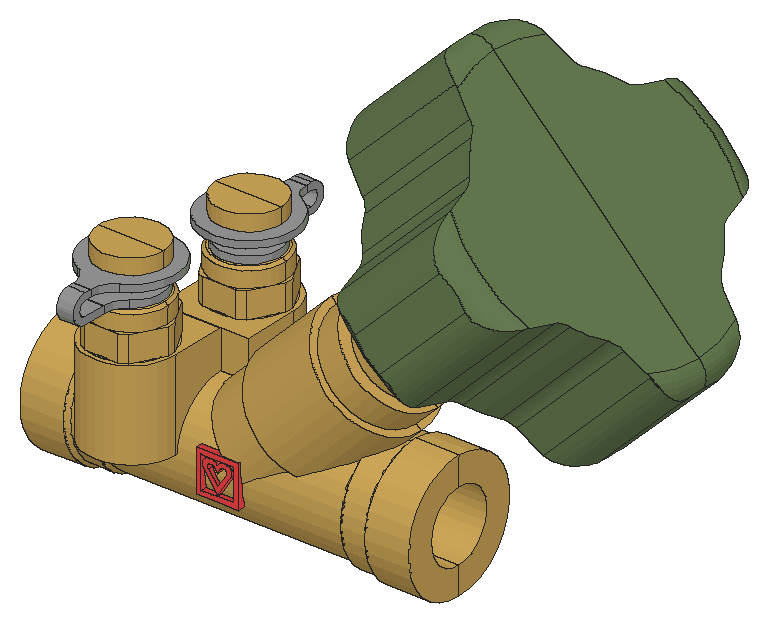
Revit family "HERZ Commissioning Valve With Metering Station For Drinking Water Systems 4017 MW", category Rohrzubehör, Revit 2021
Family settings
  Bemaßung runder Anschluss = Durchmesser verwenden
  Teiletyp = Unterbricht
  OmniClass-Nummer = 23.65.55.14
  OmniClass-Titel = Valves for Liquid Services
  Arbeitsebenenbasiert = Nein
  Immer vertikal = Ja
  Beim Laden mit Abzugskörper schneiden = Nein
  Gemeinsam genutzt = Nein
Parameters
  kvs-value [instance] = if(Nennweite = 15.000 mm, 2, if(Nennweite = 20.000 mm, 3.6, if(Nennweite = 25.000 mm, 6.5, if(Nennweite = 32.000 mm, 13.3, if(Nennweite = 40.000 mm, 18.5, if(Nennweite = 50.000 mm, 33, 0))))))  # 2
  kv-value of the orifice [instance] = if(Nennweite = 15.000 mm, 1.95, if(Nennweite = 20.000 mm, 3.95, if(Nennweite = 25.000 mm, 7.9, if(Nennweite = 32.000 mm, 15.75, if(Nennweite = 40.000 mm, 21.5, if(Nennweite = 50.000 mm, 46.7, 0))))))  # 1.95
  W01 = 45.00°  # constant formula
  Vorgabe-Ansicht = 0.000 mm
  URL = "www.herzvalves.com"
  SW01 = 60.00°  # constant formula
  SCRNSEQ = "FW;SBT_TYP_FW=\"109\";2"
  SCRNCODE = "04;00;02"  # constant formula
  S03 = 60.000 mm  # constant formula
  S02 [instance] = L04 + L06 + L07  # 76.800 mm
  S01 [instance] = D01 * 2  # 27.000 mm
  R03 = 21.500 mm  # constant formula
  R02 = 9.500 mm  # constant formula
  R01 = 12.000 mm  # constant formula
  Part number [instance] = size_lookup("4017_MW_", "Artnr", 0, Nennweite)  # 2401701
  O-Rings = "EPDM"  # constant formula
  Note = "Pursuant to Article 33 of the REACH Regulation (EC No. 1907/2006), we are obliged to point out that the material lead is listed on the SVHC list and that all brass components manufactured in our products exceed 0.1% (w / w) lead (CAS: 7439-92-1 / EINECS: 231-100-4).\r\nSince lead is a component part of an alloy, actual exposure is not possible and therefore no additional information on safe use is necessary."
  Model = "According to standard BS 7350 PN20 Series B\r\nAngle seat regulating valve made of copper alloy.\r\nAll metal parts in contact with water are made of dezincification-resistant copper alloy.\r\nThe upper parts are equipped with non-rising stem."
  Medium = "Water"  # constant formula
  L10 [instance] = size_lookup("4017_MW_", "L10", 1.000 mm, Nennweite)  # 28.500 mm
  L09 [instance] = size_lookup("4017_MW_", "L9", 1.000 mm, Nennweite)  # 22.500 mm
  L08 [instance] = size_lookup("4017_MW_", "L8", 1.000 mm, Nennweite)  # 12.700 mm
  L07 [instance] = size_lookup("4017_MW_", "L7", 1.000 mm, Nennweite)  # 35.100 mm
  L06 [instance] = size_lookup("4017_MW_", "L6", 1.000 mm, Nennweite)  # 6.500 mm
  L05 [instance] = size_lookup("4017_MW_", "L5", 1.000 mm, Nennweite)  # 20.200 mm
  L04 [instance] = size_lookup("4017_MW_", "L4", 1.000 mm, Nennweite)  # 35.200 mm
  L03 [instance] = size_lookup("4017_MW_", "L3", 1.000 mm, Nennweite)  # 1.000 mm
  Hand wheel = "plastic, green"  # constant formula
  H03 [instance] = H01 - 19.000 mm  # 1.000 mm
  H02 = 13.000 mm  # constant formula
  E01 [instance] = L00 / -2  # -41.500 mm
  E00 = 0.000 mm  # constant formula
  D09 [instance] = size_lookup("4017_MW_", "D9", 1.000 mm, Nennweite)  # 11.750 mm
  D08 [instance] = size_lookup("4017_MW_", "D8", 1.000 mm, Nennweite)  # 9.500 mm
  D07 [instance] = size_lookup("4017_MW_", "D7", 1.000 mm, Nennweite)  # 12.000 mm
  D06 [instance] = size_lookup("4017_MW_", "D6", 1.000 mm, Nennweite)  # 13.500 mm
  D05 [instance] = size_lookup("4017_MW_", "D5", 1.000 mm, Nennweite)  # 12.500 mm
  D04 [instance] = Nennweite / 2  # 7.500 mm
  IG [instance] = Nennweite / 2  # 7.500 mm
  D03 [instance] = size_lookup("4017_MW_", "D3", 1.000 mm, Nennweite)  # 11.900 mm
  D02 [instance] = size_lookup("4017_MW_", "D2", 1.000 mm, Nennweite)  # 12.700 mm
  D01 [instance] = size_lookup("4017_MW_", "D1", 1.000 mm, Nennweite)  # 13.500 mm
  Nennweite [instance] = 15.000 mm
  Max. differential pressure on closed seat = 1000000.0 Pa  # constant formula
  Max. operating temperature at 10 bar = 85 °C  # constant formula
  Max. operating pressure at 20°C = 2000000.0 Pa  # constant formula
  L02 [instance] = size_lookup("4017_MW_", "L2", 1.000 mm, Nennweite)  # 5.000 mm
  L01 [instance] = size_lookup("4017_MW_", "L1", 1.000 mm, Nennweite)  # 9.250 mm
  L00 [instance] = size_lookup("4017_MW_", "L", 1.000 mm, Nennweite)  # 83.000 mm
  Hersteller = "HERZ Armaturen Ges.m.b.H."  # constant formula
  H01 [instance] = size_lookup("4017_MW_", "H1", 1.000 mm, Nennweite)  # 20.000 mm
  GT [instance] = size_lookup("4017_MW_", "GT", 1.000 mm, Nennweite)  # 13.200 mm
  DN50 [instance] = Nennweite = 50.000 mm  # no
  DN40 [instance] = Nennweite = 40.000 mm  # no
  DN32 [instance] = Nennweite = 32.000 mm  # no
  DN25 [instance] = Nennweite = 25.000 mm  # no
  DN20 [instance] = Nennweite = 20.000 mm  # no
  DN15 [instance] = Nennweite = 15.000 mm  # yes
  Body = "DZR brass"  # constant formula
  Application = "For shutting off and regulating drinking water systems in buildings or for hydraulic balancing of supply lines."
Reference planes
  plane 1 "Mitte (Vorne/hinten)": y = 0
  plane 2: z = 0
  plane 3 "Mitte (Links/rechts)": x = 0
Forms (mm)
  Revolve 1, solid, material "Messing, weicher Gelbton, geschweißt", detail levels fine
    sketch origin (470, 0, 0) x (1, 0, 0) y (0, 0, 1)
      loop
        line (-511.5, 7.5) -> (-498.3, 7.5) -> (-498.3, 0) -> (-441.7, 0) -> (-441.7, 7.5) -> (-428.5, 7.5) -> (-428.5, 13.5) -> (-437.75, 13.5) -> (-438.55, 12.7) -> (-443.55, 12.7) -> (-444.35, 11.9) -> (-495.65, 11.9) -> (-496.45, 12.7) -> (-501.45, 12.7) -> (-502.25, 13.5) -> (-511.5, 13.5) -> (-511.5, 7.5)
      axis (-511.5, 0) -> (-428.5, 0)
    angle from 0 to 360
  Revolve 2, solid, material "Messing, weicher Gelbton, geschweißt", detail levels fine
    sketch origin (0.32, 0, -0.105) x (1, 0, 0) y (0, 0, 1)
      loop
        line (-1.32, 0.105) -> (52.986, 54.411) -> (44.677, 62.719) -> (35.697, 53.739) -> (37.288, 52.148) -> (21.449, 36.309) -> (19.681, 38.076) -> (15.085, 33.48) -> (14.024, 34.541) -> (-0.259, 20.257) -> (0.448, 19.55) -> (-7.098, 12.005) -> (-6.623, 5.408) -> (-1.32, 0.105)
      axis (-1.32, 0.105) -> (52.986, 54.411)
    angle from 0 to 360
  Extrusion 3, solid, material "Messing, weicher Gelbton, geschweißt", detail levels fine
    sketch origin (0, 0, 0) x (1, 0, 0) y (0, 1, 0)
      loop
        arc (-28.5, -12) -> (-19, -21.5) -> (-9.5, -12) r 9.5
        line (-9.5, -12) -> (-9.5, 0) -> (-28.5, 0) -> (-28.5, -12)
    from 1 <- "H03" to 20 <- "H01"
  Extrusion 4, solid, material "Messing, weicher Gelbton, geschweißt", detail levels fine
    sketch origin (0, 0, 0) x (1, 0, 0) y (0, 1, 0)
      loop
        line (-22.5, 12) -> (-22.5, 0) -> (-3.5, 0) -> (-3.5, 12)
        arc (-3.5, 12) -> (-13, 21.5) -> (-22.5, 12) r 9.5
    from 0 to 20 <- "H01"
Lines and regions (mm)
  model lines, detail levels coarse+medium
    curve 1: line (-41.5, 0, 13.5) -> (-41.5, 0, -13.5)
    curve 2: line (-41.5, 0, -13.5) -> (41.5, 0, 13.5)
    curve 3: line (41.5, 0, 13.5) -> (41.5, 0, -13.5)
    curve 4: line (41.5, 0, -13.5) -> (-41.5, 0, 13.5)
    curve 5: line (0, 0, 0) -> (38.4, 0, 66.511)
    curve 6: line (12.419, 0, 81.511) -> (64.381, 0, 51.511)
    curve 7: line (-41.5, -13.5, 0) -> (-41.5, 13.5, 0)
    curve 8: line (-41.5, 13.5, 0) -> (41.5, -13.5, 0)
    curve 9: line (41.5, -13.5, 0) -> (41.5, 13.5, 0)
    curve 10: line (41.5, 13.5, 0) -> (-41.5, -13.5, 0)
    curve 11: line (0, 0, 0) -> (38.4, 66.511, 0)
    curve 12: line (12.419, 81.511, 0) -> (64.381, 51.511, 0)
Dimensions and locks
  "L00": Revolve 1 sketch curve to Revolve 1 sketch curve
  equal spacing: Revolve 1 sketch curve, plane 3 "Mitte (Links/rechts)", Revolve 1 sketch curve
  "D01": Revolve 1 sketch curve to Revolve 1 sketch curve  (x2)
  "GT": Revolve 1 sketch curve to Revolve 1 sketch curve  (x2)
  "D06": Revolve 2 sketch curve to Revolve 2 sketch curve
  "D07": Revolve 2 sketch curve to Revolve 2 sketch curve
  "D08": Revolve 2 sketch curve to Revolve 2 sketch curve
  "D09": Revolve 2 sketch curve to Revolve 2 sketch curve
  equal spacing: curve 1, plane 3 "Mitte (Links/rechts)", curve 3
  "L00": curve 1 to curve 3
  equal spacing: curve 4, plane 2, curve 2
  "S01": curve 4 to curve 1
  "S01": curve 3 to curve 4
  equal spacing: curve 3, plane 2, curve 4
  "S02": curve 5 to curve 5
  equal spacing: curve 6, curve 5, curve 6
  "S03": curve 6 to curve 6
  equal spacing: curve 7, plane 3 "Mitte (Links/rechts)", curve 9
  "L00": curve 7 to curve 9
  equal spacing: curve 10, plane 1 "Mitte (Vorne/hinten)", curve 8
  "S01": curve 8 to curve 10
  equal spacing: curve 9, plane 1 "Mitte (Vorne/hinten)", curve 10
  "S01": curve 10 to curve 9
  "S02": curve 11 to curve 11
  equal spacing: curve 12, curve 11, curve 12
  "S03": curve 12 to curve 12
  "L01": Revolve 1 sketch curve to Revolve 1 sketch curve  (x2)
  "D02": Revolve 1 sketch curve to plane 2  (x2)
  "D03": Revolve 1 sketch curve to plane 2
  "IG": Revolve 1 sketch curve to plane 2  (x2)
  "L02": Revolve 1 sketch curve to Revolve 1 sketch curve  (x2)
  "L04": Revolve 2 sketch curve to Revolve 2 sketch curve
  "L05": Revolve 2 sketch curve to Revolve 2 sketch curve
  "D03": Revolve 2 sketch curve to plane 2
  "L06": Revolve 2 sketch curve to Revolve 2 sketch curve
  "L08": Revolve 2 sketch curve to Revolve 2 sketch curve
  "L07": Revolve 2 sketch curve to Revolve 2 sketch curve
  "D04": Revolve 2 sketch curve to Revolve 2 sketch curve
  "D05": Revolve 2 sketch curve to Revolve 2 sketch curve
  "L03": plane 3 "Mitte (Links/rechts)" to Revolve 2 sketch curve  (x2)
  "D03": nested 1 to plane 1 "Mitte (Vorne/hinten)"
  "L09": Revolve 1 to Extrusion 3 sketch curve
  "R01": Extrusion 3 sketch curve to plane 1 "Mitte (Vorne/hinten)"
  "R01": plane 1 "Mitte (Vorne/hinten)" to Extrusion 4 sketch curve
  "L10": Revolve 1 to Extrusion 4 sketch curve
  "H01": nested 3 to plane 2
  "H01": nested 2 to plane 2
  "R01": nested 3 to plane 1 "Mitte (Vorne/hinten)"
  "R01": plane 1 "Mitte (Vorne/hinten)" to nested 2
  "L10": Revolve 1 to nested 2
  "L09": Revolve 1 to nested 3
  "R02": radius of Extrusion 3 sketch curve
  "R02": radius of Extrusion 4 sketch curve
  "W01": angle level to Revolve 2 sketch curve
  "SW01": angle plane 2 to curve 5
  "SW01": angle plane 1 "Mitte (Vorne/hinten)" to curve 11
  "W01": angle Revolve 1 sketch curve to Revolve 1 sketch curve  (x4)
  "W01": angle plane 2 to Revolve 2 sketch curve
  aligned and locked: level to plane 2
Automatic sketch dimensions
  curve 5 to level = 0.000 mm
  plane 1 "Mitte (Vorne/hinten)" to curve 11 = 0.000 mm
  Revolve 1 sketch curve to level = 0.000 mm  (x2)
  Revolve 1 sketch curve to Revolve 1 sketch curve = 791.990 mm
  Revolve 1 sketch curve to Revolve 1 sketch curve = 2278.983 mm
  Revolve 2 sketch curve to level = 0.000 mm  (x2)
  plane 1 "Mitte (Vorne/hinten)" to Extrusion 3 sketch curve = 0.000 mm
  plane 1 "Mitte (Vorne/hinten)" to Extrusion 4 sketch curve = 0.000 mm
Nested families
  nested 1: "Herz-Logo-vorne" at (0, -11.9, 0) x (0, 1, 0) z (0, 0, 1), type "Herz-Logo-vorne", detail levels fine
  nested 2: "Messstutzen_Band_Austritt_senkrecht_(oben)" at (-13, 12, 2.5), type "Messstutzen_Band_Austritt_senkrecht_(oben)"
    with Schutzkappe yes, Nennweite 0.000 mm, Gewicht 0.00 kg, Bestellnummer 0
  nested 3: "Messstutzen_Band_Eintritt_senkrecht_(oben)" at (-19, -12, 2.5) x (-1, 0, 0) z (0, 0, 1), type "Messstutzen_Band_Eintritt_senkrecht_(oben)"
    with Schutzkappe yes, Nennweite 0.000 mm, Gewicht 0.00 kg, Bestellnummer 0
  nested 4: "Strangregulierventil-Handrad (Grün) DN15-DN32" at (53.306, 0, 54.306), visible <- "DN15", type "Strangregulierventil-Handrad (Grün) DN15-DN32"
    with Nennweite 0.000 mm, Gewicht 0.00 kg, Bestellnummer 0
  nested 5: "Strangregulierventil-Handrad (Grün) DN15-DN32" at (55.846, 0, 56.846), visible <- "DN20", type "Strangregulierventil-Handrad (Grün) DN15-DN32"
    with Nennweite 0.000 mm, Gewicht 0.00 kg, Bestellnummer 0
  nested 6: "Strangregulierventil-Handrad (Grün) DN15-DN32" at (64.569, 0, 70.069), visible <- "DN25", type "Strangregulierventil-Handrad (Grün) DN15-DN32"
    with Nennweite 0.000 mm, Gewicht 0.00 kg, Bestellnummer 0
  nested 7: "Strangregulierventil-Handrad (Grün) DN15-DN32" at (67.426, 0, 76.226), visible <- "DN32", type "Strangregulierventil-Handrad (Grün) DN15-DN32"
    with Nennweite 0.000 mm, Gewicht 0.00 kg, Bestellnummer 0
  nested 8: "Strangregulierventil-Handrad (Grün) DN40-DN50" at (76.747, 0, 88.247), visible <- "DN40", type "Strangregulierventil-Handrad (Grün) DN40-DN50"
    with Nennweite 0.000 mm, Gewicht 0.00 kg, Bestellnummer 0
  nested 9: "Strangregulierventil-Handrad (Grün) DN40-DN50" at (75.124, 0, 91.924), visible <- "DN50", type "Strangregulierventil-Handrad (Grün) DN40-DN50"
    with Nennweite 0.000 mm, Gewicht 0.00 kg, Bestellnummer 0
Connectors
  piping at (-28.3, 0, 0), diameter 15, driven by "Nennweite"
    settings: on Revolve 1, index 1, connector inside diameter 609.6 mm, connector length 0.000 mm, flow factor 0, pipe flow 0.0 L/s, pressure drop 0.0 Pa, fitting loss kfactor 0, connector angle 0.00°, fixture units 0, engagement length 0.000 mm, angle of deflection 0.00°, flow configuration 0, flow direction 1, fitting loss method 0, system type 29, joint type 0, gender type 0, connector reference index -1, connector utility 0, adjustable connector no, is connector primary yes, connector description ""
  piping at (28.3, 0, 0), diameter 15, driven by "Nennweite"
    settings: on Revolve 1, index 2, connector inside diameter 609.6 mm, connector length 0.000 mm, flow factor 0, pipe flow 0.0 L/s, pressure drop 0.0 Pa, fitting loss kfactor 0, connector angle 0.00°, fixture units 0, engagement length 0.000 mm, angle of deflection 0.00°, flow configuration 0, flow direction 2, fitting loss method 0, system type 29, joint type 0, gender type 0, connector reference index -1, connector utility 0, adjustable connector no, is connector primary no, connector description ""
Definition of nested family "Herz-Logo-vorne"
  Parameters (values of type "Herz-Logo-vorne")
    Default Elevation = 0.000 mm
  Reference planes
    plane 1 "Mitte (Vorne/hinten)": y = 0
    plane 2: z = 0
    plane 3 "Mitte (Links/rechts)": x = 0
  Forms (mm)
    Extrusion 1, solid
      sketch origin (0.732, -0.018, 0.017) x (0, -1, 0) y (0, 0, 1)
        loop
          line (-0.018, -4.517) -> (4.482, -4.517) -> (4.482, 4.483) -> (-4.518, 4.483) -> (-4.518, -4.517) -> (-0.018, -4.517)
        loop
          line (-0.05, -3.48) -> (3.482, -3.48) -> (3.482, 3.483) -> (-3.518, 3.483) -> (-3.518, -3.48) -> (-0.05, -3.48)
        loop
          arc (-0.018, 2.383) -> (-1.543, 3.287) -> (-3.067, 2.383) r 1.738
          arc (-3.067, 2.383) -> (-3.191, 1.899) -> (-3.067, 1.415) r 1.009
          line (-3.067, 1.415) -> (-0.018, -3.281) -> (3.032, 1.415)
          arc (3.032, 1.415) -> (3.156, 1.899) -> (3.032, 2.383) r 1.009
          arc (3.032, 2.383) -> (1.507, 3.287) -> (-0.018, 2.383) r 1.738
        loop
          arc (1.885, 1.272) -> (2.005, 1.675) -> (1.885, 2.079) r 0.74
          arc (1.885, 2.079) -> (1.265, 2.416) -> (0.644, 2.079) r 0.74
          line (0.644, 2.079) -> (-0.018, 0.97) -> (-0.679, 2.079)
          arc (-0.679, 2.079) -> (-1.3, 2.416) -> (-1.921, 2.079) r 0.74
          arc (-1.921, 2.079) -> (-2.04, 1.675) -> (-1.921, 1.272) r 0.74
          line (-1.921, 1.272) -> (-0.018, -1.658) -> (1.885, 1.272)
      from 0 to 1.5
  Dimensions and locks
    aligned and locked: level to plane 2
Definition of nested family "Messstutzen_Band_Austritt_senkrecht_(oben)"
  Parameters (values of type "Messstutzen_Band_Austritt_senkrecht_(oben)")
    Default Elevation = 0.000 mm
    URL = "www.herz-armaturen.at"
    Schutzkappe [instance] = yes
    Nennweite [instance] = 0.000 mm
    Manufacturer = "Herz Armaturen GmbH"  # constant formula
    Gewicht [instance] = 0.00 kg
    Bestellnummer [instance] = 0
  Reference planes
    plane 1 "Mitte (Vorne/hinten)": y = 0
    plane 2: z = 0
    plane 3 "Mitte (Links/rechts)": x = 0
    plane 4 "Schlaufe 1": z = -27
    plane 5 "Schlaufe 2": z = -31.678
  Forms (mm)
    Revolve 1, solid, detail levels fine
      sketch origin (0, 0, 0) x (1, 0, 0) y (0, 0, 1)
        loop
          line (-7.4, 9) -> (-5.55, 9) -> (-5.55, 6)
          arc (-5.55, 6) -> (-5.626, 5.617) -> (-5.843, 5.293) r 1
          line (-5.843, 5.293) -> (-6.455, 4.681) -> (-6.455, 0.9) -> (-5.555, 0) -> (-2, 0) -> (-2, 17.5) -> (-8.4, 17.5)
          arc (-8.4, 17.5) -> (-7.693, 17.207) -> (-7.4, 16.5) r 1
          line (-7.4, 16.5) -> (-7.4, 9)
        loop
          line (-3.7, 27) -> (-7.3, 27) -> (-7.9, 26.4) -> (-7.9, 23) -> (-2, 23) -> (-2, 35.8) -> (-3.805, 35.8) -> (-4.415, 35.19) -> (-4.415, 30.863) -> (-3.7, 30.45) -> (-3.7, 27)
        axis (0, 0) -> (0, 35.8)
      angle from 0 to 360
    Extrusion 2, solid, detail levels fine
      sketch origin (0, 0, 17.5) x (0, 1, 0) y (-1, 0, 0)
        loop
          arc (-7.07, 5.156) -> (-7.578, 4.375) -> (-8, 3.544) r 8.75
          line (-8, 3.544) -> (-8, -3.544)
          arc (-8, -3.544) -> (-7.578, -4.375) -> (-7.07, -5.156) r 8.75
          line (-7.07, -5.156) -> (-0.93, -8.7)
          arc (-0.93, -8.7) -> (0, -8.75) -> (0.93, -8.7) r 8.75
          line (0.93, -8.7) -> (7.07, -5.156)
          arc (7.07, -5.156) -> (7.578, -4.375) -> (8, -3.544) r 8.75
          line (8, -3.544) -> (8, 3.544)
          arc (8, 3.544) -> (7.578, 4.375) -> (7.07, 5.156) r 8.75
          line (7.07, 5.156) -> (0.93, 8.7)
          arc (0.93, 8.7) -> (0, 8.75) -> (-0.93, 8.7) r 8.75
          line (-0.93, 8.7) -> (-7.07, 5.156)
      from 0 to 5.5
    Revolve 3, solid, visible <- "Schutzkappe", detail levels fine
      sketch origin (0, 0, 0) x (1, 0, 0) y (0, 0, 1)
        loop
          line (0, 35.878) -> (0, 36.678) -> (-7, 36.678) -> (-7, 33.378) -> (-6.1, 33.378) -> (-6.1, 31.678) -> (-6.9, 31.678) -> (-6.9, 30.178) -> (-4.415, 30.178) -> (-4.415, 35.268) -> (-3.805, 35.878) -> (0, 35.878)
        axis (0, 30.178) -> (0, 36.678)
      angle from 0 to 360
    Extrusion 4, solid, detail levels fine
      sketch origin (0, 0, 28.5) x (1, 0, 0) y (0, 1, 0)
        loop
          circle (0, 0) r 3.7
        loop
          arc (-3.906, 5.505) -> (0, -6.75) -> (3.906, 5.505) r 6.75
          arc (3.906, 5.505) -> (2.358, 7.288) -> (1.8, 9.582) r 5
          line (1.8, 9.582) -> (-1.8, 9.582)
          arc (-1.8, 9.582) -> (-2.358, 7.288) -> (-3.906, 5.505) r 5
      from 0 to -1.5
    Extrusion 5, solid, detail levels fine
      sketch origin (0, 0, 33.178) x (1, 0, 0) y (0, 1, 0)
        loop
          circle (0, 0) r 6.1
        loop
          arc (-4.495, 8.652) -> (0, -9.75) -> (4.495, 8.652) r 9.75
          arc (4.495, 8.652) -> (2.527, 10.493) -> (1.8, 13.089) r 5
          line (1.8, 13.089) -> (-1.8, 13.089)
          arc (-1.8, 13.089) -> (-2.527, 10.493) -> (-4.495, 8.652) r 5
      from 0 to -1.5
    Sweep 6, solid, detail levels fine
      path origin (0, 0, 0) x (0, 0, -1) y (0, -1, 0)
        loop
          line (-27.75, -9.582) -> (-27.75, -14.522)
          arc (-27.75, -14.522) -> (-30.089, -16.862) -> (-32.428, -14.522) r 2.339
          line (-32.428, -14.522) -> (-32.428, -13.089)
      profile origin (0, 12.052, 27.75) x (0, 0, 1) y (1, 0, 0)
        loop
          line (-0.75, -1.8) -> (0.75, -1.8) -> (0.75, 1.8) -> (-0.75, 1.8) -> (-0.75, -1.8)
  Dimensions and locks
    aligned and locked: level to plane 2
Definition of nested family "Messstutzen_Band_Eintritt_senkrecht_(oben)"
  Parameters (values of type "Messstutzen_Band_Eintritt_senkrecht_(oben)")
    Default Elevation = 0.000 mm
    URL = "www.herz-armaturen.at"
    Schutzkappe [instance] = yes
    Nennweite [instance] = 0.000 mm
    Manufacturer = "Herz Armaturen GmbH"  # constant formula
    Gewicht [instance] = 0.00 kg
    Bestellnummer [instance] = 0
  Reference planes
    plane 1 "Mitte (Vorne/hinten)": y = 0
    plane 2: z = 0
    plane 3 "Mitte (Links/rechts)": x = 0
    plane 4 "Schlaufe 1": z = -27
    plane 5 "Schlaufe 2": z = -31.678
  Forms (mm)
    Revolve 1, solid, detail levels fine
      sketch origin (0, 0, 0) x (1, 0, 0) y (0, 0, 1)
        loop
          line (-7.4, 9) -> (-5.55, 9) -> (-5.55, 6)
          arc (-5.55, 6) -> (-5.626, 5.617) -> (-5.843, 5.293) r 1
          line (-5.843, 5.293) -> (-6.455, 4.681) -> (-6.455, 0.9) -> (-5.555, 0) -> (-2, 0) -> (-2, 17.5) -> (-8.4, 17.5)
          arc (-8.4, 17.5) -> (-7.693, 17.207) -> (-7.4, 16.5) r 1
          line (-7.4, 16.5) -> (-7.4, 9)
        loop
          line (-3.7, 27) -> (-7.3, 27) -> (-7.9, 26.4) -> (-7.9, 23) -> (-2, 23) -> (-2, 35.8) -> (-3.805, 35.8) -> (-4.415, 35.19) -> (-4.415, 30.863) -> (-3.7, 30.45) -> (-3.7, 27)
        axis (0, 0) -> (0, 35.8)
      angle from 0 to 360
    Extrusion 2, solid, detail levels fine
      sketch origin (0, 0, 17.5) x (0, 1, 0) y (-1, 0, 0)
        loop
          arc (-7.07, 5.156) -> (-7.578, 4.375) -> (-8, 3.544) r 8.75
          line (-8, 3.544) -> (-8, -3.544)
          arc (-8, -3.544) -> (-7.578, -4.375) -> (-7.07, -5.156) r 8.75
          line (-7.07, -5.156) -> (-0.93, -8.7)
          arc (-0.93, -8.7) -> (0, -8.75) -> (0.93, -8.7) r 8.75
          line (0.93, -8.7) -> (7.07, -5.156)
          arc (7.07, -5.156) -> (7.578, -4.375) -> (8, -3.544) r 8.75
          line (8, -3.544) -> (8, 3.544)
          arc (8, 3.544) -> (7.578, 4.375) -> (7.07, 5.156) r 8.75
          line (7.07, 5.156) -> (0.93, 8.7)
          arc (0.93, 8.7) -> (0, 8.75) -> (-0.93, 8.7) r 8.75
          line (-0.93, 8.7) -> (-7.07, 5.156)
      from 0 to 5.5
    Revolve 3, solid, visible <- "Schutzkappe", detail levels fine
      sketch origin (0, 0, 0) x (1, 0, 0) y (0, 0, 1)
        loop
          line (0, 35.878) -> (0, 36.678) -> (-7, 36.678) -> (-7, 33.378) -> (-6.1, 33.378) -> (-6.1, 31.678) -> (-6.9, 31.678) -> (-6.9, 30.178) -> (-4.415, 30.178) -> (-4.415, 35.268) -> (-3.805, 35.878) -> (0, 35.878)
        axis (0, 30.178) -> (0, 36.678)
      angle from 0 to 360
    Extrusion 4, solid, detail levels fine
      sketch origin (0, 0, 28.5) x (1, 0, 0) y (0, 1, 0)
        loop
          circle (0, 0) r 3.7
        loop
          arc (-3.906, 5.505) -> (0, -6.75) -> (3.906, 5.505) r 6.75
          arc (3.906, 5.505) -> (2.358, 7.288) -> (1.8, 9.582) r 5
          line (1.8, 9.582) -> (-1.8, 9.582)
          arc (-1.8, 9.582) -> (-2.358, 7.288) -> (-3.906, 5.505) r 5
      from 0 to -1.5
    Extrusion 5, solid, detail levels fine
      sketch origin (0, 0, 33.178) x (1, 0, 0) y (0, 1, 0)
        loop
          circle (0, 0) r 6.1
        loop
          arc (-4.495, 8.652) -> (0, -9.75) -> (4.495, 8.652) r 9.75
          arc (4.495, 8.652) -> (2.527, 10.493) -> (1.8, 13.089) r 5
          line (1.8, 13.089) -> (-1.8, 13.089)
          arc (-1.8, 13.089) -> (-2.527, 10.493) -> (-4.495, 8.652) r 5
      from 0 to -1.5
    Sweep 6, solid, detail levels fine
      path origin (0, 0, 0) x (0, 0, -1) y (0, -1, 0)
        loop
          line (-27.75, -9.582) -> (-27.75, -14.522)
          arc (-27.75, -14.522) -> (-30.089, -16.862) -> (-32.428, -14.522) r 2.339
          line (-32.428, -14.522) -> (-32.428, -13.089)
      profile origin (0, 12.052, 27.75) x (0, 0, 1) y (1, 0, 0)
        loop
          line (-0.75, -1.8) -> (0.75, -1.8) -> (0.75, 1.8) -> (-0.75, 1.8) -> (-0.75, -1.8)
  Dimensions and locks
    aligned and locked: level to plane 2
Definition of nested family "Strangregulierventil-Handrad (Grün) DN15-DN32"
  Parameters (values of type "Strangregulierventil-Handrad (Grün) DN15-DN32")
    Default Elevation = 0.000 mm
    URL = "www.herz-armaturen.at"
    Nennweite [instance] = 0.000 mm
    Manufacturer = "Herz Armaturen GmbH"  # constant formula
    Gewicht [instance] = 0.00 kg
    Bestellnummer [instance] = 0
  Reference planes
    plane 1 "Mitte (Vorne/hinten)": y = 0
    plane 2: z = 0
    plane 3 "Mitte (Links/rechts)": x = 0
  Forms (mm)
    Revolve 1, solid, detail levels fine
      sketch origin (0, 0, 0) x (0.707107, 0, -0.707107) y (0.707107, 0, 0.707107)
        loop
          line (0, 0) -> (0, 24.95) -> (-30.992, 24.95)
          arc (-30.992, 24.95) -> (-34.37, 23.636) -> (-35.973, 20.386) r 5
          line (-35.973, 20.386) -> (-37, 8.65) -> (-35.986, -2.936)
          arc (-35.986, -2.936) -> (-34.383, -6.186) -> (-31.005, -7.5) r 5
          line (-31.005, -7.5) -> (-15, -7.5) -> (-15, 0) -> (0, 0)
        axis (0, 24.95) -> (0, -7.5)
      angle from 0 to 360
    Extrusion 2, void
      sketch origin (14.354, 0, 14.354) x (0.707107, 0, -0.707107) y (0, 1, 0)
        loop
          line (3.861, 35.5) -> (-3.861, 35.5)
          arc (-3.861, 35.5) -> (-8.731, 33.847) -> (-11.589, 29.571) r 8
          line (-11.589, 29.571) -> (-13.284, 23.245)
          arc (-13.284, 23.245) -> (-13.982, 21.722) -> (-15.144, 20.516) r 5
          arc (-15.144, 20.516) -> (-18.031, 18.031) -> (-20.516, 15.144) r 25.5
          arc (-20.516, 15.144) -> (-21.722, 13.982) -> (-23.245, 13.284) r 5
          line (-23.245, 13.284) -> (-29.571, 11.589)
          arc (-29.571, 11.589) -> (-33.847, 8.731) -> (-35.5, 3.861) r 8
          line (-35.5, 3.861) -> (-35.5, -3.861)
          arc (-35.5, -3.861) -> (-33.847, -8.731) -> (-29.571, -11.589) r 8
          line (-29.571, -11.589) -> (-23.245, -13.284)
          arc (-23.245, -13.284) -> (-21.722, -13.982) -> (-20.516, -15.144) r 5
          arc (-20.516, -15.144) -> (-18.031, -18.031) -> (-15.144, -20.516) r 25.5
          arc (-15.144, -20.516) -> (-13.982, -21.722) -> (-13.284, -23.245) r 5
          line (-13.284, -23.245) -> (-11.589, -29.571)
          arc (-11.589, -29.571) -> (-8.731, -33.847) -> (-3.861, -35.5) r 8
          line (-3.861, -35.5) -> (3.861, -35.5)
          arc (3.861, -35.5) -> (8.731, -33.847) -> (11.589, -29.571) r 8
          line (11.589, -29.571) -> (13.284, -23.245)
          arc (13.284, -23.245) -> (13.982, -21.722) -> (15.144, -20.516) r 5
          arc (15.144, -20.516) -> (18.031, -18.031) -> (20.516, -15.144) r 25.5
          arc (20.516, -15.144) -> (21.722, -13.982) -> (23.245, -13.284) r 5
          line (23.245, -13.284) -> (29.571, -11.589)
          arc (29.571, -11.589) -> (33.847, -8.731) -> (35.5, -3.861) r 8
          line (35.5, -3.861) -> (35.5, 3.861)
          arc (35.5, 3.861) -> (33.847, 8.731) -> (29.571, 11.589) r 8
          line (29.571, 11.589) -> (23.245, 13.284)
          arc (23.245, 13.284) -> (21.722, 13.982) -> (20.516, 15.144) r 5
          arc (20.516, 15.144) -> (18.031, 18.031) -> (15.144, 20.516) r 25.5
          arc (15.144, 20.516) -> (13.982, 21.722) -> (13.284, 23.245) r 5
          line (13.284, 23.245) -> (11.589, 29.571)
          arc (11.589, 29.571) -> (8.731, 33.847) -> (3.861, 35.5) r 8
        loop
          circle (0, 0) r 38
      from -31.266 to 7.923
  Cuts and joins
    Extrusion 2 cuts Revolve 1
  Dimensions and locks
    Revolve 1 sketch curve to Revolve 1 sketch curve = 15.000 mm
    Revolve 1 sketch curve to Revolve 1 sketch curve = 16.150 mm
    Revolve 1 sketch curve to Revolve 1 sketch curve = 16.300 mm
    angle Revolve 1 sketch curve to Revolve 1 sketch curve = 95.00°
    aligned and locked: level to plane 2
Definition of nested family "Strangregulierventil-Handrad (Grün) DN40-DN50"
  Parameters (values of type "Strangregulierventil-Handrad (Grün) DN40-DN50")
    Default Elevation = 0.000 mm
    URL = "www.herz-armaturen.at"
    Nennweite [instance] = 0.000 mm
    Manufacturer = "Herz Armaturen GmbH"  # constant formula
    Gewicht [instance] = 0.00 kg
    Bestellnummer [instance] = 0
  Reference planes
    plane 1 "Mitte (Vorne/hinten)": y = 0
    plane 2: z = 0
    plane 3 "Mitte (Links/rechts)": x = 0
  Forms (mm)
    Revolve 1, solid, detail levels fine
      sketch origin (0, 0, 0) x (0.707107, 0, -0.707107) y (0.707107, 0, 0.707107)
        loop
          line (0, 0) -> (0, 24.95) -> (-50.992, 24.95)
          arc (-50.992, 24.95) -> (-54.37, 23.636) -> (-55.973, 20.386) r 5
          line (-55.973, 20.386) -> (-57, 8.65) -> (-55.986, -2.936)
          arc (-55.986, -2.936) -> (-54.383, -6.186) -> (-51.005, -7.5) r 5
          line (-51.005, -7.5) -> (-15, -7.5) -> (-15, 0) -> (0, 0)
        axis (0, 24.95) -> (0, -7.5)
      angle from 0 to 360
    Extrusion 2, void
      sketch origin (14.354, 0, 14.354) x (0.707107, 0, -0.707107) y (0, 1, 0)
        loop
          line (-55, 6.292) -> (-55, -6.292)
          arc (-55, -6.292) -> (-52.52, -13.597) -> (-46.106, -17.883) r 12
          line (-46.106, -17.883) -> (-35.399, -20.752)
          arc (-35.399, -20.752) -> (-33.541, -21.612) -> (-32.08, -23.047) r 6
          arc (-32.08, -23.047) -> (-27.931, -27.931) -> (-23.047, -32.08) r 39.5
          arc (-23.047, -32.08) -> (-21.612, -33.541) -> (-20.752, -35.399) r 6
          line (-20.752, -35.399) -> (-17.883, -46.106)
          arc (-17.883, -46.106) -> (-13.597, -52.52) -> (-6.292, -55) r 12
          line (-6.292, -55) -> (6.292, -55)
          arc (6.292, -55) -> (13.597, -52.52) -> (17.883, -46.106) r 12
          line (17.883, -46.106) -> (20.752, -35.399)
          arc (20.752, -35.399) -> (21.612, -33.541) -> (23.047, -32.08) r 6
          arc (23.047, -32.08) -> (27.931, -27.931) -> (32.08, -23.047) r 39.5
          arc (32.08, -23.047) -> (33.541, -21.612) -> (35.399, -20.752) r 6
          line (35.399, -20.752) -> (46.106, -17.883)
          arc (46.106, -17.883) -> (52.52, -13.597) -> (55, -6.292) r 12
          line (55, -6.292) -> (55, 6.292)
          arc (55, 6.292) -> (52.52, 13.597) -> (46.106, 17.883) r 12
          line (46.106, 17.883) -> (35.399, 20.752)
          arc (35.399, 20.752) -> (33.541, 21.612) -> (32.08, 23.047) r 6
          arc (32.08, 23.047) -> (27.931, 27.931) -> (23.047, 32.08) r 39.5
          arc (23.047, 32.08) -> (21.612, 33.541) -> (20.752, 35.399) r 6
          line (20.752, 35.399) -> (17.883, 46.106)
          arc (17.883, 46.106) -> (13.597, 52.52) -> (6.292, 55) r 12
          line (6.292, 55) -> (-6.292, 55)
          arc (-6.292, 55) -> (-13.597, 52.52) -> (-17.883, 46.106) r 12
          line (-17.883, 46.106) -> (-20.752, 35.399)
          arc (-20.752, 35.399) -> (-21.612, 33.541) -> (-23.047, 32.08) r 6
          arc (-23.047, 32.08) -> (-27.931, 27.931) -> (-32.08, 23.047) r 39.5
          arc (-32.08, 23.047) -> (-33.541, 21.612) -> (-35.399, 20.752) r 6
          line (-35.399, 20.752) -> (-46.106, 17.883)
          arc (-46.106, 17.883) -> (-52.52, 13.597) -> (-55, 6.292) r 12
        loop
          circle (0, 0) r 60
      from -31.161 to 7.489
  Cuts and joins
    Extrusion 2 cuts Revolve 1
  Dimensions and locks
    Revolve 1 sketch curve to Revolve 1 sketch curve = 15.000 mm
    Revolve 1 sketch curve to Revolve 1 sketch curve = 16.150 mm
    Revolve 1 sketch curve to Revolve 1 sketch curve = 16.300 mm
    Revolve 1 sketch curve to Revolve 1 sketch curve = 57.000 mm
    angle Revolve 1 sketch curve to Revolve 1 sketch curve = 95.00°
    aligned and locked: level to plane 2
